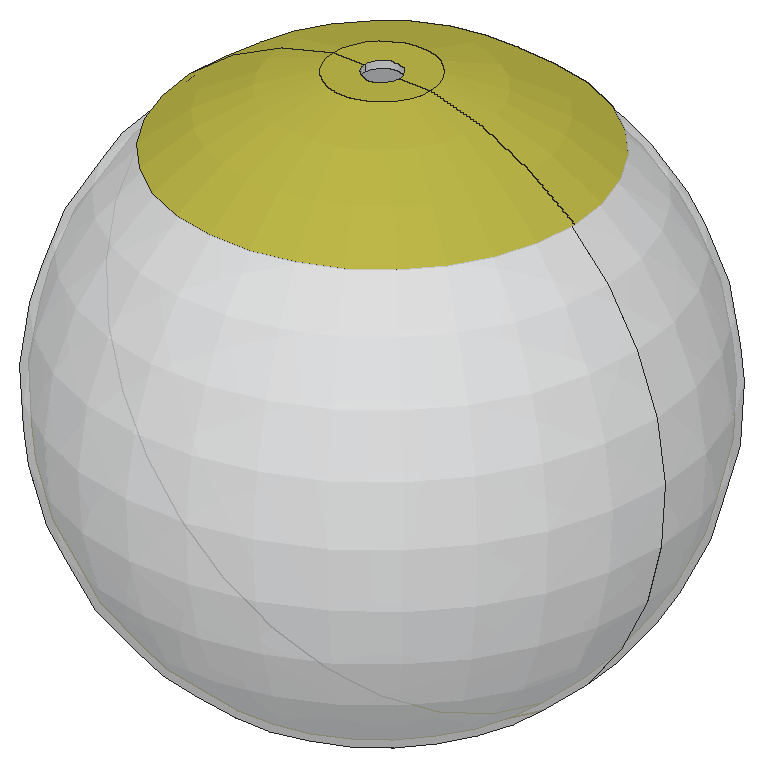
Revit family "OB8 SHADE", category Lighting Fixtures, Revit 2024
Family settings
  Round Connector Dimension = Use Diameter
  Part Type = Normal
  OmniClass Number = 23.80.70.00
  OmniClass Title = Lighting
  Work Plane-Based = No
  Always vertical = Yes
  Cut with Voids When Loaded = No
  Light Source = No
  Maintain Annotation Orientation = No
  Shared = No
  Room Calculation Point = No
Parameters
  Default Elevation = 0' - 0"
Reference planes (in)
  plane 1 "Light Source Axis (F/B)": y = 0
  plane 2: z = 0
  plane 3 "Light Source Axis (L/R)": x = 0
  plane 4 "Light Source Elevation": z = 54
Forms (in)
  Revolve 1, solid
    sketch origin (0, 0, 0) x (1, 0, 0) y (0, 0, 1)
      loop
        line (-0.25, 61.98277) -> (-0.68746, 61.98277)
        arc (-0.68746, 61.98277) -> (-1.76757, 61.63466) -> (-2.70833, 61) r 4.04167
        line (-2.70833, 61) -> (-2.64575, 61)
        arc (-2.64575, 61) -> (-3.74166, 56.58579) -> (0, 54) r 4
        line (0, 54) -> (0, 54.09375)
        arc (0, 54.09375) -> (-3.67271, 56.66958) -> (-2.50176, 61) r 3.90625
        line (-2.50176, 61) -> (-2.56633, 61)
        arc (-2.56633, 61) -> (-1.68263, 61.57138) -> (-0.67939, 61.88902) r 3.94792
        line (-0.67939, 61.88902) -> (-0.25, 61.88902) -> (-0.25, 61.98277)
      axis (0, 61.98277) -> (0, 54)
    angle from 0 to 360
Dimensions and locks (in)
  aligned and locked: level to plane 2
